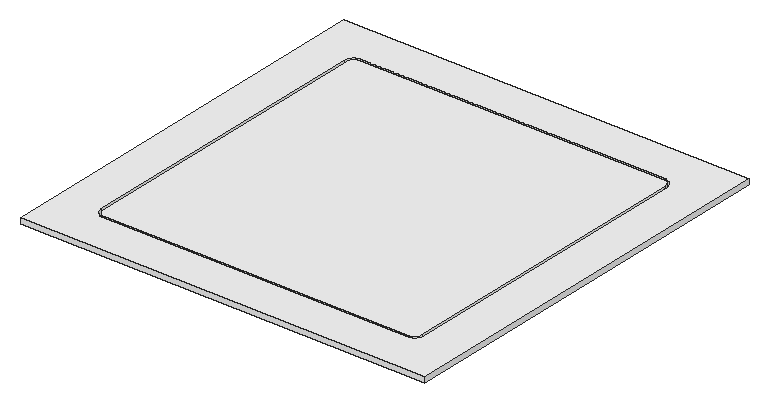
Revit family "Specialty_Access_Door-Acudor-Surface_Mounted-SF-2000_Series", category Specialty Equipment, host Face, Revit 2014
Parameters (values of type "SF-2000 8x8")
  Width = 8"
  URL = "http://acudor.com/"
  Type Comments = ""
  Torx Cam Latch = no
  Spanner Head Cam Latch = no
  Screwdriver Operated Cam Latch = no
  Product Page URL = "https://acudor.com/products/specialty-access-doors/sf-2000"
  Product Documentation Link = "https://acudor.com/images/acudor/accessdoors/specialty/SF2000/SF2000_PS.pdf"
  Mortise Cylinder Lock (Prepare for/or Installed) = no
  Model = "SF-2000 8x8"
  Material = "Steel-Acudor-16 Gauge-Alkyd White Enamel"  # constant formula
  Manufacturer = "Acudor"  # constant formula
  Length = 33/256"  # constant formula
  Single Latch Visibility = not(Array Visibility)  # no
  Latch Spacing = if(Height < 8 1/2", Height / 2, if(Height < 12 1/2", Height / 2, if(Height < 16 1/2", Height / 2, if(Height < 24 1/2", Height / 4, 8"))))  # 4"
  Latch Count = if(Height < 8 1/2", 2, if(Height < 12 1/2", 2, if(Height < 16 1/2", 2, 4)))  # 2
  Installation Type = "Wall Mounted"  # constant formula
  Height = 8"
  First Offset = Latch Spacing / 2  # 2"
  Finish = Steel-Acudor-16 Gauge-Alkyd White Enamel
  Description = "Fully Gasketed Access Door"  # constant formula
  Default Elevation = 48"
  Cylinder Lock = yes
  Assembly Code = "C1020700"
  Array Visibility = yes
  Allen Head Cam Latch = no
Types (5): name | Width | Model | Latch Spacing | Latch Count | Height | First Offset
  (no name) | 8" | "SF-2000 8x8" | 4" | 2 | 8" | 2"
  SF-2000 8x8 | 8" | "SF-2000 8x8" | 4" | 2 | 8" | 2"
  SF-2000 12x12 | 12" | "SF-2000 12x12" | 6" | 2 | 12" | 3"
  SF-2000 16x16 | 16" | "SF-2000 16x16" | 8" | 2 | 16" | 4"
  SF-2000 24x24 | 24" | "SF-2000 24x24" | 6" | 4 | 24" | 3"
Reference planes (in)
  plane 1 "Center (Front/Back)": y = 0
  plane 2: z = 0
  plane 3 "Center (Left/Right)": x = 0
  plane 4: y = 5
  plane 5: y = -5
  plane 6: x = 5
  plane 7: x = -5
  plane 8: y = 4
  plane 9: y = -4
  plane 10: x = 4
  plane 11: x = -4
  plane 12: x = 2.91643
  plane 13: z = 0.12891
  plane 14: y = 2
Forms (in)
  Extrusion 1, solid, material "Steel-Acudor-16 Gauge-Alkyd White Enamel" <- "Finish"
    sketch origin (-10.43896, 10.43896, 0.0625) x (1, 0, 0) y (0, 1, 0)
      loop
        line (5.43896, -5.43896) -> (5.43896, -15.43896) -> (15.43896, -15.43896) -> (15.43896, -5.43896) -> (5.43896, -5.43896)
      loop
        arc (6.68896, -6.43896) -> (6.51219, -6.51219) -> (6.43896, -6.68896) r 0.25
        line (6.43896, -6.68896) -> (6.43896, -14.18896)
        arc (6.43896, -14.18896) -> (6.51219, -14.36574) -> (6.68896, -14.43896) r 0.25
        line (6.68896, -14.43896) -> (14.18896, -14.43896)
        arc (14.18896, -14.43896) -> (14.36574, -14.36574) -> (14.43896, -14.18896) r 0.25
        line (14.43896, -14.18896) -> (14.43896, -6.68896)
        arc (14.43896, -6.68896) -> (14.36574, -6.51219) -> (14.18896, -6.43896) r 0.25
        line (14.18896, -6.43896) -> (6.68896, -6.43896)
      loop
        arc (6.68896, -6.50146) -> (6.55638, -6.55638) -> (6.50146, -6.68896) r 0.1875
        line (6.50146, -6.68896) -> (6.50146, -14.18896)
        arc (6.50146, -14.18896) -> (6.55638, -14.32155) -> (6.68896, -14.37646) r 0.1875
        line (6.68896, -14.37646) -> (14.18896, -14.37646)
        arc (14.18896, -14.37646) -> (14.32155, -14.32155) -> (14.37646, -14.18896) r 0.1875
        line (14.37646, -14.18896) -> (14.37646, -6.68896)
        arc (14.37646, -6.68896) -> (14.32155, -6.55638) -> (14.18896, -6.50146) r 0.1875
        line (14.18896, -6.50146) -> (6.68896, -6.50146)
    from -0.0625 to 0.06641
Lines and regions (in)
  Masking region 1
    outline origin (0, 0, 0) x (1, 0, 0) y (0, 0, 1)
      loop
        line (5, 0.12891) -> (-5, 0.12891) -> (-5, 0) -> (5, 0) -> (5, 0.12891)
Dimensions and locks (in)
  "Height": plane 8 to plane 9
  equal spacing: plane 11, plane 3 "Center (Left/Right)", plane 10
  "Width": plane 11 to plane 10
  locked: plane 4 to plane 8 at 1
  locked: plane 5 to plane 9 at 1
  locked: plane 7 to plane 11 at 1
  locked: plane 10 to plane 6 at 1
  locked: plane 12 to plane 10 at 1.08357
  "Length": plane 13 to level
  locked: plane 11 to Extrusion 1 sketch curve at 0.0625
  locked: Extrusion 1 sketch curve to plane 10 at 0.0625
  locked: plane 8 to Extrusion 1 sketch curve at 0.0625
  locked: plane 9 to Extrusion 1 sketch curve at 0.0625
  "First Offset": plane 8 to plane 14
  group 1 to group 2 = 0"  (x2)
  group 2 to group 1 = 4"
  "Latch Spacing": nested 2 to plane 14
  equal spacing: plane 8, plane 1 "Center (Front/Back)", plane 9
  radius of Extrusion 1 sketch curve = 1/4"  (x4)
  aligned and locked: plane 2 to host face
  aligned and locked: level to host face
  aligned and locked: Extrusion 1 sketch curve to plane 4
  aligned and locked: Extrusion 1 sketch curve to plane 7
  aligned and locked: Extrusion 1 sketch curve to plane 5
  aligned and locked: Extrusion 1 sketch curve to plane 6
  aligned and locked: Extrusion 1 sketch curve to plane 8
  aligned and locked: Extrusion 1 sketch curve to plane 11
  aligned and locked: Extrusion 1 sketch curve to plane 9
  aligned and locked: Extrusion 1 sketch curve to plane 10
  aligned and locked: Extrusion 1 to level
  aligned and locked: plane 13 to Extrusion 1
  aligned and locked: nested 1 to plane 14
  aligned and locked: plane 12 to nested 1
  aligned and locked: plane 12 to nested 2
  aligned and locked: plane 1 "Center (Front/Back)" to nested 3
  aligned and locked: plane 12 to nested 3
  aligned and locked: Masking region 1 sketch curve to Extrusion 1  (x4)
Automatic sketch dimensions
  host sketch curve to host sketch curve = 96"  (x2)
  Extrusion 1 sketch curve to Extrusion 1 sketch curve = 0"  (x4)
Nested families (in)
  nested 1: "Family4" at (2.91643, 2, 0.12891), visible <- "Array Visibility", type "Must Match "Model" Value"
  nested 2: "Family4" at (2.91643, -2, 0.12891), visible <- "Array Visibility", type "Must Match "Model" Value"
  nested 3: "Family4" at (2.91643, 0, 0.12891), visible <- "Single Latch Visibility", type "Must Match "Model" Value"
Definition of nested family "Family4"
  Parameters (values of type "Must Match "Model" Value")
    Width = 0"
    Waste Connection Radius = 0"
    Waste Connection Height = 0"
    Waste Connection Diameter = 0"
    Waste Connection = no
    Warranty Information = ""
    Vent Connection = no
    Shipping Weight = 0.00 kip
    Revised Date = ""
    Product Page URL = ""
    Product Documentation Link = ""
    Price = "Prices may vary. Please consult Manufacturer Representative for most up-to-date price list."  # constant formula
    Material = ""
    Length = 0"
    Installation Type = ""
    IAPMO Compliance = ""
    Hot Water Connection Width = 0"
    Hot Water Connection Radius = 0"
    Hot Water Connection Height = 0"
    Hot Water Connection Diameter = 0"
    Height = 0"
    HW Connection = no
    Flush Rate = ""
    Flow Rate = ""
    Default Elevation = 0"
    Creation Date = ""
    Cold Water Connection Width = 0"
    Cold Water Connection Radius = 0"
    Cold Water Connection Height = 0"
    Cold Water Connection Diameter = Cold Water Connection Radius * 2  # 0"
    CW Connection = no
    Bowl Shape = ""
    Basin Shape = ""
    ADA Compliant = yes
  Reference planes (in)
    plane 1 "Center (Front/Back)": y = 0
    plane 2: z = 0
    plane 3 "Center (Left/Right)": x = 0
  Lines and regions (in)
    model lines
      curve 1: circle (0, 0, 0) r 0.25 normal (0, 0, 1)
      curve 2: line (0, 0.1324, 0) -> (0, -0.1324, 0)
  Dimensions and locks (in)
    equal spacing: curve 2, plane 1 "Center (Front/Back)", curve 2
    locked: curve 2 to curve 2 at 0.26479
